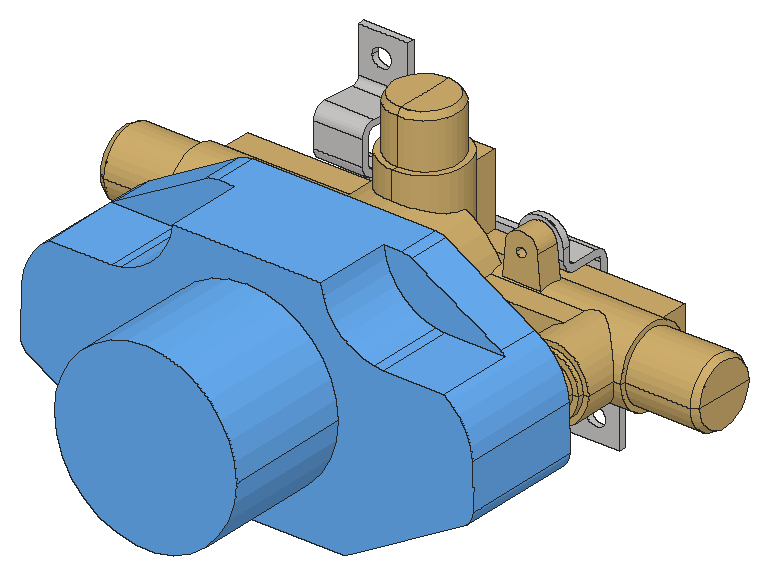
Revit family "Rough_In_Valve-GROHE-Grohsafe-35064001", category Pipe Accessories, Revit 2014
Parameters (values of type "35064001")
  Width = 7 5/16"
  Waste Connection = no
  Warranty Information = "Limited Lifetime Warranty"
  WFU = 4
  Vent Connection = no
  URL = "https://www.grohe.us"
  Tempered Water Connection Diameter = 1/2"
  Product Page URL = "https://www.grohe.us/en_us/universal-pressure-balance-rough-in-valve-35064001.html"
  Price = "Prices may vary. Please consult Manufacturer Representative for most up-to-date price list."  # constant formula
  Model = "35064001"
  Material = "Copper-Grohe-000-Brass"
  Manufacturer = "GROHE"
  Installation Type = "Wall Installation"
  IAPMO Compliance = "cUPC"
  Hot Water Connection Diameter = 1/2"
  Height = 4 1/8"
  HWFU = 3
  HW Connection = yes
  Flow Rate = "(top port) 5.5 gpm at 45 psi (21 l/min), (bottom port) 5.8 gpm at 45 psi (22 l/min)"
  Description = "Grohsafe Universal Pressure Balance Rough-In valve"
  Default Elevation = 0"
  Creation Date = "2017/05/23"  # constant formula
  Cold Water Connection Radius = 1/4"
  Cold Water Connection Diameter = Cold Water Connection Radius * 2  # 1/2"
  CWFU = 2
  CW Connection = yes
  Assembly Code = "D2020"
Reference planes (in)
  plane 1 "Center (Front/Back)": y = 0
  plane 2: z = 0
  plane 3 "Center (Left/Right)": x = 0
  plane 4: z = 1.59375
  plane 5: z = -1.84375
  plane 6: x = -3.65625
  plane 7: x = 3.65625
Forms (in)
  Revolve 1, solid, material "Copper-Grohe-000-Brass"
    sketch origin (0, 0, 0) x (1, 0, 0) y (0, 1, 0)
      loop
        line (-3.57759, 0.41293) -> (-3.65625, 0.36751) -> (-3.65625, 0) -> (3.65625, 0) -> (3.65625, 0.36751) -> (3.57759, 0.41293) -> (2.77437, 0.41293) -> (2.77437, 0.46969) -> (-2.77437, 0.46969) -> (-2.77437, 0.41293) -> (-3.57759, 0.41293)
      axis (3.65625, 0) -> (-3.65625, 0)
    angle from 0 to 360
  Revolve 2, solid, material "Copper-Grohe-000-Brass"
    sketch origin (0, 0, 0) x (0, 1, 0) y (0, 0, 1)
      loop
        line (-0.36751, 2.01413) -> (-0.41293, 1.93546) -> (-0.41293, 1.38186) -> (-0.49152, 1.38186) -> (-0.49152, -1.38186) -> (-0.41293, -1.38186) -> (-0.41293, -1.93546) -> (-0.36751, -2.01413)
        arc (-0.36751, -2.01413) -> (-0.37169, -2.06656) -> (-0.32884, -2.09707) r 0.05332
        line (-0.32884, -2.09707) -> (0, -2.09707) -> (0, 2.01413) -> (-0.36751, 2.01413)
      axis (0, 2.01413) -> (0, -2.09707)
    angle from 0 to 360
  Extrusion 3, solid, material "Copper-Grohe-000-Brass"
    sketch origin (0, 0, 0) x (1, 0, 0) y (0, 0, 1)
      loop
        line (2.66787, 0.36072) -> (0.34261, 0.36072) -> (0.34261, 1.23355) -> (-0.34261, 1.23355) -> (-0.34261, 0.36072) -> (-2.66854, 0.36072) -> (-2.66854, -0.34458) -> (-0.34261, -0.34458) -> (-0.34261, -1.23355) -> (0.34261, -1.23355) -> (0.34261, -0.34458) -> (2.66787, -0.34458) -> (2.66787, 0.36072)
    from -0.63942 to -0.03594
  Revolve 4, solid, material "Copper-Grohe-000-Brass"
    sketch origin (0, 0, 0) x (1, 0, 0) y (0, 1, 0)
      loop
        line (-2.61064, -0.90857) -> (-2.52753, -0.90857) -> (-2.52753, -1.08893) -> (-2.49792, -1.10603) -> (-2.45285, -1.10603) -> (-2.39129, -1.14157) -> (-2.39129, -1.2403) -> (-2.22147, -1.2403) -> (-2.22147, 0) -> (-2.67976, 0) -> (-2.67976, -0.84933) -> (-2.61064, -0.84933) -> (-2.61064, -0.90857)
      axis (-2.22147, -1.2403) -> (-2.22147, 0)
    angle from 0 to 360
  Extrusion 5, solid, material "Copper-Grohe-000-Brass"
    sketch origin (0, 0, 0) x (1, 0, 0) y (0, 1, 0)
      loop
        line (-2.22147, -0.48266) -> (2.22147, -0.48266) -> (2.22147, 0) -> (-2.22147, 0) -> (-2.22147, -0.48266)
    from -0.41165 to 0.43914
  Extrusion 6, solid, material "Copper-Grohe-000-Brass"
    sketch origin (0, 0, 0) x (1, 0, 0) y (0, 0, 1)
      loop
        line (1.0315, 0) -> (1.57873, 0) -> (1.50598, 0.83147)
        arc (1.50598, 0.83147) -> (1.30511, 1.01553) -> (1.10424, 0.83147) r 0.20164
        line (1.10424, 0.83147) -> (1.0315, 0)
      loop
        circle (1.30326, 0.78986) r 0.05924
      loop
        line (-1.0315, 0) -> (-1.57873, 0) -> (-1.50598, -0.83147)
        arc (-1.50598, -0.83147) -> (-1.30511, -1.01553) -> (-1.10424, -0.83147) r 0.20164
        line (-1.10424, -0.83147) -> (-1.0315, 0)
      loop
        circle (-1.30326, -0.78986) r 0.05924
    from -0.13676 to 0.14667
  Extrusion 7, solid, material "Copper-Grohe-000-Brass"
    sketch origin (0, 0, 0) x (1, 0, 0) y (0, 0, 1)
      loop
        circle (0, 0) r 1.04162
    from 0 to 1.2403
  Extrusion 8, solid, material "Plastic-GROHE-Blue"
    sketch origin (0, 0, 0) x (1, 0, 0) y (0, 0, 1)
      loop
        arc (-1.10453, 1.4415) -> (-1.19275, 1.42989) -> (-1.27496, 1.39584) r 0.34087
        line (-1.27496, 1.39584) -> (-2.35789, 0.77061)
        arc (-2.35789, 0.77061) -> (-2.62889, 0.51251) -> (-2.75191, 0.15906) r 0.7956
        arc (-2.75191, 0.15906) -> (-2.76924, -0.13193) -> (-2.76441, -0.42339) r 3.834
        arc (-2.76441, -0.42339) -> (-2.73303, -0.524) -> (-2.65758, -0.59759) r 0.21487
        line (-2.65758, -0.59759) -> (-1.296, -1.38645)
        arc (-1.296, -1.38645) -> (-1.19721, -1.42751) -> (-1.09115, -1.44151) r 0.40863
        line (-1.09115, -1.44151) -> (1.10204, -1.44151)
        arc (1.10204, -1.44151) -> (1.19758, -1.42889) -> (1.28657, -1.39192) r 0.36809
        line (1.28657, -1.39192) -> (2.65034, -0.60178)
        arc (2.65034, -0.60178) -> (2.73135, -0.52268) -> (2.76488, -0.41452) r 0.23033
        arc (2.76488, -0.41452) -> (2.7694, -0.14012) -> (2.75428, 0.1339) r 3.834
        arc (2.75428, 0.1339) -> (2.62627, 0.50764) -> (2.34065, 0.78056) r 0.83416
        line (2.34065, 0.78056) -> (1.255, 1.40736)
        arc (1.255, 1.40736) -> (1.19354, 1.43282) -> (1.12757, 1.4415) r 0.25486
        line (1.12757, 1.4415) -> (-1.10453, 1.4415)
    from 1.2403 to 2.70549
  Extrusion 9, solid, material "Plastic-GROHE-Blue"
    sketch origin (0, 0, 0) x (1, 0, 0) y (0, 0, 1)
      loop
        circle (0, 0) r 1.10978
    from 1.56952 to 4.25191
  Extrusion 10, void
    sketch origin (0, 0, -0.03125) x (1, 0, 0) y (0, 0, 1)
      loop
        line (-0.92332, 1.74104) -> (-2.5331, 0.77379) -> (-1.65337, 0.77379)
        arc (-1.65337, 0.77379) -> (-1.59803, 0.77636) -> (-1.54316, 0.78407) r 0.59589
        arc (-1.54316, 0.78407) -> (-1.02811, 1.12969) -> (-0.92332, 1.74104) r 0.7871
      loop
        arc (0.92332, 1.74104) -> (1.02811, 1.12969) -> (1.54316, 0.78407) r 0.7871
        arc (1.54316, 0.78407) -> (1.59803, 0.77636) -> (1.65337, 0.77379) r 0.59589
        line (1.65337, 0.77379) -> (2.5331, 0.77379) -> (0.92332, 1.74104)
    from 1.75834 to 4.27974
  Extrusion 11, solid, material "Metal-Grohe-Stainless Steel"
    sketch origin (0, 0, 0) x (0, 1, 0) y (0, 0, 1)
      loop
        line (1.06607, 1.77717) -> (0.98709, 1.77717) -> (0.98709, 1.2166)
        arc (0.98709, 1.2166) -> (0.95965, 1.15426) -> (0.89515, 1.13236) r 0.08456
        line (0.89515, 1.13236) -> (0.46153, 1.1703)
        arc (0.46153, 1.1703) -> (0.34537, 1.13087) -> (0.29596, 1.01858) r 0.15229
        line (0.29596, 1.01858) -> (0.29596, 0.71479)
        arc (0.29596, 0.71479) -> (0.34338, 0.60031) -> (0.45785, 0.5529) r 0.16189
        line (0.45785, 0.5529) -> (0.62062, 0.5529)
        arc (0.62062, 0.5529) -> (0.68427, 0.52653) -> (0.71064, 0.46288) r 0.09002
        line (0.71064, 0.46288) -> (0.71064, -0.41165)
        arc (0.71064, -0.41165) -> (0.68662, -0.46964) -> (0.62863, -0.49366) r 0.08201
        line (0.62863, -0.49366) -> (0.30351, -0.49366)
        arc (0.30351, -0.49366) -> (0.18647, -0.54214) -> (0.13799, -0.65918) r 0.16552
        line (0.13799, -0.65918) -> (0.13799, -1.10361) -> (0.21698, -1.10361) -> (0.21698, -0.65903)
        arc (0.21698, -0.65903) -> (0.24228, -0.59795) -> (0.30336, -0.57264) r 0.08638
        line (0.30336, -0.57264) -> (0.62928, -0.57264)
        arc (0.62928, -0.57264) -> (0.74266, -0.52568) -> (0.78962, -0.4123) r 0.16034
        line (0.78962, -0.4123) -> (0.78962, 0.46666)
        arc (0.78962, 0.46666) -> (0.74123, 0.58349) -> (0.6244, 0.63188) r 0.16523
        line (0.6244, 0.63188) -> (0.46355, 0.63188)
        arc (0.46355, 0.63188) -> (0.4009, 0.65784) -> (0.37495, 0.72049) r 0.0886
        line (0.37495, 0.72049) -> (0.37495, 1.0005)
        arc (0.37495, 1.0005) -> (0.40411, 1.06676) -> (0.47266, 1.09004) r 0.08988
        line (0.47266, 1.09004) -> (0.88712, 1.05378)
        arc (0.88712, 1.05378) -> (1.01267, 1.09639) -> (1.06607, 1.21775) r 0.1646
        line (1.06607, 1.21775) -> (1.06607, 1.77717)
    from -1.58752 to -0.98823
  Extrusion 12, void
    sketch origin (0, 0, 0) x (1, 0, 0) y (0, 0, 1)
      loop
        circle (-1.3064, 1.49797) r 0.12011
      loop
        arc (-0.95226, -0.38918) -> (-1.01461, -0.4442) -> (-1.02984, -0.52595) r 0.12765
        line (-1.02984, -0.52595) -> (-1.02984, -0.78877)
        arc (-1.02984, -0.78877) -> (-1.30868, -1.06761) -> (-1.58752, -0.78877) r 0.27884
        line (-1.58752, -0.78877) -> (-1.58752, -0.54197) -> (-1.68319, -0.54197) -> (-1.68319, -1.16213) -> (-0.95226, -1.16213) -> (-0.95226, -0.38918)
      loop
        circle (-1.30326, -0.78986) r 0.15672
    from -1.33329 to -0.06554
  Extrusion 13, solid, material "Metal-Grohe-Stainless Steel"
    sketch origin (0, 0, 0) x (0, 1, 0) y (0, 0, -1)
      loop
        line (1.06607, 1.77717) -> (0.98709, 1.77717) -> (0.98709, 1.2166)
        arc (0.98709, 1.2166) -> (0.95965, 1.15426) -> (0.89515, 1.13236) r 0.08456
        line (0.89515, 1.13236) -> (0.46153, 1.1703)
        arc (0.46153, 1.1703) -> (0.34537, 1.13087) -> (0.29596, 1.01858) r 0.15229
        line (0.29596, 1.01858) -> (0.29596, 0.71479)
        arc (0.29596, 0.71479) -> (0.34338, 0.60031) -> (0.45785, 0.5529) r 0.16189
        line (0.45785, 0.5529) -> (0.62062, 0.5529)
        arc (0.62062, 0.5529) -> (0.68427, 0.52653) -> (0.71064, 0.46288) r 0.09002
        line (0.71064, 0.46288) -> (0.71064, -0.41165)
        arc (0.71064, -0.41165) -> (0.68662, -0.46964) -> (0.62863, -0.49366) r 0.08201
        line (0.62863, -0.49366) -> (0.30351, -0.49366)
        arc (0.30351, -0.49366) -> (0.18647, -0.54214) -> (0.13799, -0.65918) r 0.16552
        line (0.13799, -0.65918) -> (0.13799, -1.10361) -> (0.21698, -1.10361) -> (0.21698, -0.65903)
        arc (0.21698, -0.65903) -> (0.24228, -0.59795) -> (0.30336, -0.57264) r 0.08638
        line (0.30336, -0.57264) -> (0.62928, -0.57264)
        arc (0.62928, -0.57264) -> (0.74266, -0.52568) -> (0.78962, -0.4123) r 0.16034
        line (0.78962, -0.4123) -> (0.78962, 0.46666)
        arc (0.78962, 0.46666) -> (0.74123, 0.58349) -> (0.6244, 0.63188) r 0.16523
        line (0.6244, 0.63188) -> (0.46355, 0.63188)
        arc (0.46355, 0.63188) -> (0.4009, 0.65784) -> (0.37495, 0.72049) r 0.0886
        line (0.37495, 0.72049) -> (0.37495, 1.0005)
        arc (0.37495, 1.0005) -> (0.40411, 1.06676) -> (0.47266, 1.09004) r 0.08988
        line (0.47266, 1.09004) -> (0.88712, 1.05378)
        arc (0.88712, 1.05378) -> (1.01267, 1.09639) -> (1.06607, 1.21775) r 0.1646
        line (1.06607, 1.21775) -> (1.06607, 1.77717)
    from -1.58752 to -0.98823
  Extrusion 14, void
    sketch origin (0, 0, 0) x (-1, 0, 0) y (0, 0, -1)
      loop
        circle (-1.3064, 1.49797) r 0.12011
      loop
        arc (-0.95226, -0.38918) -> (-1.01461, -0.4442) -> (-1.02984, -0.52595) r 0.12765
        line (-1.02984, -0.52595) -> (-1.02984, -0.78877)
        arc (-1.02984, -0.78877) -> (-1.30868, -1.06761) -> (-1.58752, -0.78877) r 0.27884
        line (-1.58752, -0.78877) -> (-1.58752, -0.54197) -> (-1.68319, -0.54197) -> (-1.68319, -1.16213) -> (-0.95226, -1.16213) -> (-0.95226, -0.38918)
      loop
        circle (-1.30326, -0.78986) r 0.15672
    from -1.33329 to -0.06554
  Extrusion 15, solid, material "Metal-Grohe-Stainless Steel"
    sketch origin (0, 0, 0) x (1, 0, 0) y (0, 0, 1)
      loop
        line (1.08831, 0.41165) -> (-1.07848, 0.41165) -> (-1.07848, -0.41165) -> (1.08831, -0.41165) -> (1.08831, 0.41165)
    from -0.78962 to -0.71064
  Revolve 16, solid, material "Copper-Grohe-000-Brass"
    sketch origin (0, 0, 0) x (-1, 0, 0) y (0, 1, 0)
      loop
        line (-2.61064, -0.90857) -> (-2.52753, -0.90857) -> (-2.52753, -1.08893) -> (-2.49792, -1.10603) -> (-2.45285, -1.10603) -> (-2.39129, -1.14157) -> (-2.39129, -1.2403) -> (-2.22147, -1.2403) -> (-2.22147, 0) -> (-2.67976, 0) -> (-2.67976, -0.84933) -> (-2.61064, -0.84933) -> (-2.61064, -0.90857)
      axis (-2.22147, -1.2403) -> (-2.22147, 0)
    angle from 0 to 360
Cuts and joins
  Extrusion 10, Extrusion 12 cuts Extrusion 8
  Extrusion 12 cuts Extrusion 9
  joined: Extrusion 8, Extrusion 9
  Extrusion 10 cuts Revolve 1
  Extrusion 10, Extrusion 14 cuts Revolve 2
  Extrusion 10, Extrusion 14 cuts Extrusion 3
  Extrusion 10, Extrusion 14 cuts Extrusion 5
  Extrusion 10, Extrusion 14 cuts Extrusion 6
  Extrusion 12 cuts Extrusion 7
  joined: Revolve 1, Revolve 2, Extrusion 3, Revolve 4, Extrusion 5, Extrusion 6, Extrusion 7, Revolve 16
  Extrusion 12, Extrusion 14 cuts Extrusion 11
  Extrusion 14 cuts Extrusion 13
  joined: Extrusion 11, Extrusion 13, Extrusion 15
Lines and regions (in)
  Masking region 1
    outline origin (0, 0, 0) x (1, 0, 0) y (0, 1, 0)
      loop
        line (-2.77012, -2.70549) -> (-1.10978, -2.70549) -> (-1.10978, -4.25191) -> (1.10978, -4.25191) -> (1.10978, -2.70549) -> (2.77012, -2.70549) -> (2.77012, -1.2403) -> (2.39129, -1.2403) -> (2.39129, -1.14157) -> (2.45285, -1.10603) -> (2.49792, -1.10603) -> (2.52753, -1.08893) -> (2.52753, -0.90857) -> (2.61064, -0.90857) -> (2.61064, -0.84933) -> (2.67976, -0.84933) -> (2.67976, -0.46969) -> (2.77437, -0.46969) -> (2.77437, -0.41293) -> (3.57759, -0.41293) -> (3.65625, -0.36751) -> (3.65625, 0.36751) -> (3.57759, 0.41293) -> (2.77437, 0.41293) -> (2.77437, 0.46969) -> (2.66854, 0.46969) -> (2.66854, 0.63942) -> (1.58752, 0.63942) -> (1.58752, 1.06607) -> (0.98823, 1.06607) -> (0.98823, 0.78962) -> (-0.98823, 0.78962) -> (-0.98823, 1.06607) -> (-1.58752, 1.06607) -> (-1.58752, 0.63942) -> (-2.66854, 0.63942) -> (-2.66854, 0.46969) -> (-2.77437, 0.46969) -> (-2.77437, 0.41293) -> (-3.57759, 0.41293) -> (-3.65625, 0.36751) -> (-3.65625, -0.36751) -> (-3.57759, -0.41293) -> (-2.77437, -0.41293) -> (-2.77437, -0.46969) -> (-2.67976, -0.46969) -> (-2.67976, -0.84933) -> (-2.61064, -0.84933) -> (-2.61064, -0.90857) -> (-2.52753, -0.90857) -> (-2.52753, -1.08893) -> (-2.49792, -1.10603) -> (-2.45285, -1.10603) -> (-2.39129, -1.14157) -> (-2.39129, -1.2403) -> (-2.77012, -1.2403) -> (-2.77012, -2.70549)
      loop
        line (-2.05165, -1.2403) -> (-1.04162, -1.2403) -> (-1.04162, -0.48266) -> (-1.76318, -0.48266) -> (-1.76318, -0.84933) -> (-1.83229, -0.84933) -> (-1.83229, -0.90857) -> (-1.91541, -0.90857) -> (-1.91541, -1.08893) -> (-1.94502, -1.10603) -> (-1.99009, -1.10603) -> (-2.05165, -1.14157) -> (-2.05165, -1.2403)
      loop
        line (2.05165, -1.2403) -> (2.05165, -1.14157) -> (1.99009, -1.10603) -> (1.94502, -1.10603) -> (1.91541, -1.08893) -> (1.91541, -0.90857) -> (1.83229, -0.90857) -> (1.83229, -0.84933) -> (1.76318, -0.84933) -> (1.76318, -0.48266) -> (1.04162, -0.48266) -> (1.04162, -1.2403) -> (2.05165, -1.2403)
  symbolic lines, style "PlumbingFixtures", detail levels medium+fine
    curve 1: line (-2.39129, -1.2403, 0) -> (-2.05165, -1.2403, 0)
    curve 2: line (-1.04162, -1.2403, 0) -> (1.04162, -1.2403, 0)
    curve 3: line (2.05165, -1.2403, 0) -> (2.39129, -1.2403, 0)
    curve 4: line (-1.10978, -2.70549, 0) -> (1.10978, -2.70549, 0)
    curve 5: circle (0, 0, 0) r 0.49152 normal (0, 0, 1)
    curve 6: line (-1.58752, 0.63942, 0) -> (-0.98823, 0.63942, 0)
    curve 7: line (-0.98823, 0.63942, 0) -> (-0.98823, 0.71064, 0)
    curve 8: line (-0.98823, 0.71064, 0) -> (0.98823, 0.71064, 0)
    curve 9: line (0.98823, 0.30082, 0) -> (0.98823, 0.71064, 0)
    curve 10: line (1.53969, -0.14667, 0) -> (1.07054, -0.14667, 0)
    curve 11: line (1.07054, -0.14667, 0) -> (1.07054, 0.1384, 0)
    curve 12: line (1.07054, 0.1384, 0) -> (1.02984, 0.1384, 0)
    curve 13: line (1.02984, 0.1384, 0) -> (1.02984, 0.30082, 0)
    curve 14: line (1.02984, 0.30082, 0) -> (0.98823, 0.30082, 0)
    curve 15: line (1.53969, -0.14667, 0) -> (1.53969, 0.13764, 0)
    curve 16: line (1.53969, 0.13764, 0) -> (1.58752, 0.13764, 0)
    curve 17: line (1.58752, 0.13764, 0) -> (1.58752, 0.63942, 0)
    curve 18: line (-0.98823, 0.63942, 0) -> (0.98823, 0.63942, 0)
  symbolic lines, style "PlumbingFixtures", detail levels fine
    curve 19: line (-3.57759, -0.41293, 0) -> (-3.57759, 0.41293, 0)
    curve 20: line (-2.77437, -0.41293, 0) -> (-2.77437, 0.41293, 0)
    curve 21: line (-2.39129, -1.14157, 0) -> (-2.05165, -1.14157, 0)
    curve 22: line (-2.45285, -1.10603, 0) -> (-1.99009, -1.10603, 0)
    curve 23: line (-2.52753, -1.08893, 0) -> (-1.91541, -1.08893, 0)
    curve 24: line (-2.52753, -0.90857, 0) -> (-1.91541, -0.90857, 0)
    curve 25: line (-2.61064, -0.84933, 0) -> (-1.83229, -0.84933, 0)
    curve 26: line (-1.76318, -0.48266, 0) -> (-2.09037, -0.48266, 0)
    curve 27: line (-2.09037, -0.48266, 0) -> (-2.09037, -0.16664, 0)
    curve 28: line (-2.09037, -0.16664, 0) -> (-0.94453, -0.16664, 0)
    curve 30: line (-0.92971, 0, 0) -> (-0.49152, 0, 0)
    curve 31: line (-1.04162, -0.48266, 0) -> (-0.94453, -0.48266, 0)
    curve 32: line (-0.94453, -0.48266, 0) -> (-0.94453, -0.16664, 0)
    curve 33: line (-2.66854, 0.46969, 0) -> (-2.66854, 0.30082, 0)
    curve 34: line (-2.66854, 0.30082, 0) -> (-0.38872, 0.30082, 0)
    curve 35: line (-0.34261, 0.63942, 0) -> (-0.34261, 0.35244, 0)
    curve 36: line (-1.58752, 0.98709, 0) -> (-0.98823, 0.98709, 0)
    curve 37: line (0.98823, 0.98709, 0) -> (1.58752, 0.98709, 0)
    curve 38: line (1.02984, 0.21961, 0) -> (1.58752, 0.21961, 0)
    curve 39: line (1.07054, 0.1384, 0) -> (1.54148, 0.1384, 0)
    curve 42: line (-2.40297, -2.70549, 0) -> (-2.40297, -1.75834, 0)
    curve 43: line (-2.40297, -1.75834, 0) -> (-0.90623, -1.75834, 0)
    curve 44: line (-0.90623, -1.75834, 0) -> (-0.90623, -2.70549, 0)
    curve 45: circle (0, 0, 0) r 0.32884 normal (0, 0, 1)
    curve 46: circle (0, 0, 0) r 0.36751 normal (0, 0, 1)
    curve 47: line (3.57759, -0.41293, 0) -> (3.57759, 0.41293, 0)
    curve 48: line (2.77437, -0.41293, 0) -> (2.77437, 0.41293, 0)
    curve 49: line (2.39129, -1.14157, 0) -> (2.05165, -1.14157, 0)
    curve 50: line (2.45285, -1.10603, 0) -> (1.99009, -1.10603, 0)
    curve 51: line (2.52753, -1.08893, 0) -> (1.91541, -1.08893, 0)
    curve 52: line (2.52753, -0.90857, 0) -> (1.91541, -0.90857, 0)
    curve 53: line (2.61064, -0.84933, 0) -> (1.83229, -0.84933, 0)
    curve 54: line (1.76318, -0.48266, 0) -> (2.09037, -0.48266, 0)
    curve 55: line (2.09037, -0.48266, 0) -> (2.09037, -0.16664, 0)
    curve 56: line (2.09037, -0.16664, 0) -> (0.94453, -0.16664, 0)
    curve 58: line (0.92971, 0, 0) -> (0.49152, 0, 0)
    curve 59: line (1.04162, -0.48266, 0) -> (0.94453, -0.48266, 0)
    curve 60: line (0.94453, -0.48266, 0) -> (0.94453, -0.16664, 0)
    curve 61: line (2.66854, 0.46969, 0) -> (2.66854, 0.30082, 0)
    curve 62: line (2.66854, 0.30082, 0) -> (1.58752, 0.30082, 0)
    curve 63: line (0.34261, 0.63942, 0) -> (0.34261, 0.35244, 0)
    curve 66: line (0.98823, 0.30082, 0) -> (0.38872, 0.30082, 0)
    curve 67: line (2.40297, -2.70549, 0) -> (2.40297, -1.75834, 0)
    curve 68: line (2.40297, -1.75834, 0) -> (0.90623, -1.75834, 0)
    curve 69: line (0.90623, -1.75834, 0) -> (0.90623, -2.70549, 0)
  symbolic lines, detail levels fine
    curve 29: arc (-0.94453, -0.16664, 0) -> (-0.93193, -0.08378, 0) -> (-0.92971, 0, 0) r 0.67374
    curve 40: arc (-2.67976, -0.46969, 0) -> (-2.49569, -0.29189, 0) -> (-2.29963, -0.12742, 0) r 3.65237
    curve 41: arc (-2.29963, -0.12742, 0) -> (-2.18614, -0.09979, 0) -> (-2.09037, -0.16664, 0) r 0.14192
    curve 57: arc (0.94453, -0.16664, 0) -> (0.93193, -0.08378, 0) -> (0.92971, 0, 0) r 0.67374
    curve 64: arc (2.67976, -0.46969, 0) -> (2.49569, -0.29189, 0) -> (2.29963, -0.12742, 0) r 3.65237
    curve 65: arc (2.29963, -0.12742, 0) -> (2.18614, -0.09979, 0) -> (2.09037, -0.16664, 0) r 0.14192
Dimensions and locks (in)
  equal spacing: plane 6, plane 3 "Center (Left/Right)", plane 7
  "Width": plane 6 to plane 7
Automatic sketch dimensions
  curve 5 to curve 45 = 0"  (x2)
  curve 5 to curve 46 = 0"  (x2)
  curve 45 to curve 46 = 0"  (x2)
  plane 1 "Center (Front/Back)" to curve 29 = 0"
  plane 1 "Center (Front/Back)" to curve 5 = 0"
  curve 5 to plane 3 "Center (Left/Right)" = 0"
  plane 1 "Center (Front/Back)" to curve 58 = 0"
  curve 40 to plane 3 "Center (Left/Right)" = 0.05178"
  curve 43 to plane 3 "Center (Left/Right)" = 0.90623"
  curve 30 to plane 3 "Center (Left/Right)" = 0.92971"
  curve 28 to curve 30 = 0.01482"
  curve 8 to curve 29 = 0.05852"
  plane 1 "Center (Front/Back)" to curve 29 = 0.02411"
  curve 29 to curve 28 = 0.65849"
  curve 27 to curve 29 = 0.48735"
  curve 41 to curve 27 = 0.12192"
  plane 6 to curve 43 = 1.25328"
  curve 33 to plane 1 "Center (Front/Back)" = 0.30082"
  curve 33 to curve 41 = 0.45625"
  plane 3 "Center (Left/Right)" to curve 64 = 0.05178"
  plane 3 "Center (Left/Right)" to curve 69 = 0.90623"
  curve 46 to curve 58 = 0.92971"
  curve 57 to curve 59 = 0.01482"
  curve 58 to curve 9 = 0.05852"
  curve 9 to curve 14 = 0.0416"
  curve 57 to curve 11 = 0.12601"
  plane 1 "Center (Front/Back)" to curve 15 = 0.14667"
  curve 10 to curve 15 = 0.46915"
  curve 15 to curve 16 = 0.04783"
  plane 1 "Center (Front/Back)" to curve 57 = 0.02411"
  curve 10 to curve 57 = 0.06333"
  curve 57 to curve 56 = 0.48735"
  curve 55 to curve 65 = 0.12192"
  plane 7 to curve 68 = 1.25328"
  curve 62 to plane 1 "Center (Front/Back)" = 0.30082"
  curve 65 to curve 62 = 0.45625"
  curve 41 to curve 27 = 0.07264"
  curve 65 to curve 55 = 0.07264"
  curve 31 to curve 29 = 0.31602"
  curve 27 to curve 41 = 0.24338"
  curve 60 to curve 57 = 0.31602"
  curve 54 to curve 65 = 0.24338"
  curve 44 to curve 31 = 1.27568"
  curve 68 to curve 54 = 1.27568"
  curve 40 to curve 43 = 1.24779"
  curve 40 to curve 64 = 0"
  curve 17 to plane 1 "Center (Front/Back)" = 0.13764"
  curve 12 to plane 1 "Center (Front/Back)" = 0.1384"
  curve 12 to curve 9 = 0.16242"
  curve 6 to plane 1 "Center (Front/Back)" = 0.63942"
  curve 18 to curve 9 = 0.07122"
  curve 35 to plane 3 "Center (Left/Right)" = 0.34261"
  curve 34 to curve 35 = 0.04611"
  curve 36 to curve 7 = 0"
  curve 31 to curve 31 = 0.09709"
  curve 2 to curve 43 = 0.1354"
  curve 4 to curve 44 = 0.20355"
  curve 36 to curve 36 = 0.59928"
  curve 6 to curve 36 = 0"
  curve 26 to curve 26 = 0.32719"
  curve 25 to curve 26 = 0.06911"
  curve 23 to curve 25 = 0.08312"
  curve 24 to curve 25 = 0.08312"
  curve 22 to curve 23 = 0.07468"
  curve 21 to curve 22 = 0.06156"
  curve 1 to curve 21 = 0"
  curve 40 to curve 41 = 0"
  curve 1 to curve 1 = 0.33964"
  curve 21 to curve 1 = 0"
  curve 22 to curve 21 = 0.06156"
  curve 23 to curve 22 = 0.07468"
  curve 24 to curve 23 = 0"
  curve 25 to curve 24 = 0.08312"
  curve 40 to curve 25 = 0.06911"
  curve 20 to curve 40 = 0.09461"
  plane 6 to curve 19 = 0.07866"
  curve 63 to curve 66 = 0.04611"
  curve 37 to curve 8 = 0"
  curve 68 to curve 2 = 0.1354"
  curve 59 to curve 59 = 0.09709"
  curve 69 to curve 4 = 0.20355"
  curve 15 to curve 39 = 0.00179"
  curve 37 to curve 17 = 0"
  curve 54 to curve 54 = 0.32719"
  curve 54 to curve 53 = 0.06911"
  curve 53 to curve 51 = 0.08312"
  curve 53 to curve 52 = 0.08312"
  curve 51 to curve 50 = 0.07468"
  curve 50 to curve 3 = 0.06156"
  curve 50 to curve 49 = 0.06156"
  curve 64 to curve 65 = 0"
  curve 49 to curve 49 = 0.33964"
  curve 3 to curve 49 = 0"
  curve 49 to curve 50 = 0.06156"
  curve 50 to curve 51 = 0.07468"
  curve 52 to curve 51 = 0"
  curve 52 to curve 53 = 0.08312"
  curve 53 to curve 64 = 0.06911"
  curve 64 to curve 48 = 0.09461"
  plane 7 to curve 47 = 0.07866"
  curve 40 to curve 20 = 0.05676"
  plane 1 "Center (Front/Back)" to curve 47 = 0.41293"
  curve 64 to curve 48 = 0.05676"
  plane 1 "Center (Front/Back)" to curve 19 = 0.41293"
  curve 25 to curve 26 = 0.36666"
  curve 53 to curve 64 = 0.37964"
  curve 52 to curve 53 = 0.05924"
  curve 24 to curve 25 = 0.05924"
  curve 23 to curve 24 = 0.18037"
  curve 51 to curve 52 = 0.18037"
  curve 22 to curve 23 = 0.0171"
  curve 50 to curve 51 = 0.0171"
  curve 21 to curve 22 = 0.03554"
  curve 49 to curve 50 = 0.03554"
  curve 1 to curve 21 = 0.09873"
  curve 68 to curve 2 = 0.51804"
  curve 3 to curve 49 = 0.09873"
  curve 4 to curve 68 = 0.94714"
  curve 67 to curve 67 = 0.94714"
  curve 42 to curve 42 = 0.94714"
  curve 38 to curve 62 = 0.08121"
  curve 19 to plane 1 "Center (Front/Back)" = 0.41293"
  curve 33 to curve 20 = 0.11211"
  curve 47 to plane 1 "Center (Front/Back)" = 0.41293"
  curve 61 to curve 48 = 0.11211"
  curve 20 to curve 33 = 0.05676"
  curve 48 to curve 61 = 0.05676"
  curve 62 to curve 17 = 0.3386"
  curve 8 to curve 37 = 0.27645"
  curve 7 to curve 36 = 0.27645"
  Revolve 2 sketch curve to plane 1 "Center (Front/Back)" = 0"  (x2)
  plane 1 "Center (Front/Back)" to Revolve 2 sketch curve = 0.32336"
  Revolve 2 sketch curve to Revolve 2 sketch curve = 0.00548"
  plane 1 "Center (Front/Back)" to Revolve 2 sketch curve = 0.36751"
  Revolve 2 sketch curve to plane 5 = 0.17038"
  Revolve 2 sketch curve to Revolve 2 sketch curve = 0.04415"
  plane 1 "Center (Front/Back)" to Revolve 2 sketch curve = 0.41293"
  Revolve 2 sketch curve to Revolve 2 sketch curve = 0.04542"
  Revolve 2 sketch curve to Revolve 2 sketch curve = 0.07859"
  Revolve 2 sketch curve to Revolve 2 sketch curve = 0.0299"
  Revolve 2 sketch curve to Revolve 2 sketch curve = 0.07867"  (x2)
  plane 5 to Revolve 2 sketch curve = 0.46189"
  Revolve 2 sketch curve to plane 4 = 0.21189"
  plane 4 to Revolve 2 sketch curve = 0.34171"
  Revolve 2 sketch curve to Revolve 2 sketch curve = 0.29509"
  Revolve 2 sketch curve to Revolve 2 sketch curve = 0.6856"
  Extrusion 3 sketch curve to level = 0.34458"  (x2)
  plane 6 to Extrusion 3 sketch curve = 0.98771"
  Extrusion 3 sketch curve to plane 3 "Center (Left/Right)" = 0.34261"  (x2)
  plane 3 "Center (Left/Right)" to Extrusion 3 sketch curve = 0.34261"  (x2)
  plane 7 to Extrusion 3 sketch curve = 0.98838"
  plane 5 to Extrusion 3 sketch curve = 0.6102"
  level to Extrusion 3 sketch curve = 0.36072"  (x2)
  Extrusion 3 sketch curve to plane 4 = 0.3602"
  plane 1 "Center (Front/Back)" to Revolve 4 sketch curve = 0"
  plane 6 to Revolve 4 sketch curve = 0.97649"
  Revolve 4 sketch curve to Revolve 4 sketch curve = 0.06911"
  Revolve 4 sketch curve to Revolve 4 sketch curve = 0.08312"
  Revolve 4 sketch curve to Revolve 4 sketch curve = 0.02961"
  Revolve 4 sketch curve to Revolve 4 sketch curve = 0.04507"
  Revolve 4 sketch curve to Revolve 4 sketch curve = 0.06156"
  Revolve 4 sketch curve to Revolve 4 sketch curve = 0.45829"
  plane 1 "Center (Front/Back)" to Revolve 4 sketch curve = 0.84933"
  Revolve 4 sketch curve to Revolve 4 sketch curve = 0.05924"
  Revolve 4 sketch curve to Revolve 4 sketch curve = 0.18037"
  Revolve 4 sketch curve to Revolve 4 sketch curve = 0.0171"
  Revolve 4 sketch curve to Revolve 4 sketch curve = 0.03554"
  Revolve 4 sketch curve to Revolve 4 sketch curve = 0.09873"
  Revolve 4 sketch curve to Revolve 4 sketch curve = 0"
  Revolve 4 sketch curve to Revolve 4 sketch curve = 0.08708"
  Revolve 4 sketch curve to plane 1 "Center (Front/Back)" = 1.03973"
  plane 1 "Center (Front/Back)" to Extrusion 5 sketch curve = 0"
  plane 6 to Extrusion 5 sketch curve = 1.43478"
  plane 7 to Extrusion 5 sketch curve = 1.43478"
  Extrusion 5 sketch curve to Extrusion 5 sketch curve = 0.48266"
  Extrusion 6 sketch curve to level = 0"  (x2)
  Extrusion 6 sketch curve to plane 3 "Center (Left/Right)" = 1.57873"
  Extrusion 6 sketch curve to Extrusion 6 sketch curve = 0.07274"  (x2)
  Extrusion 6 sketch curve to Extrusion 6 sketch curve = 0.20087"  (x3)
  Extrusion 6 sketch curve to Extrusion 6 sketch curve = 0.00185"  (x2)
  Extrusion 6 sketch curve to level = 0.83147"
  Extrusion 6 sketch curve to Extrusion 6 sketch curve = 0.54723"  (x2)
  plane 3 "Center (Left/Right)" to Extrusion 6 sketch curve = 1.0315"
  Extrusion 6 sketch curve to Extrusion 6 sketch curve = 0.19902"
  Extrusion 6 sketch curve to plane 4 = 0.76228"
  Extrusion 6 sketch curve to Extrusion 6 sketch curve = 0.01757"
  Extrusion 6 sketch curve to Extrusion 6 sketch curve = 0.02404"  (x2)
  Extrusion 6 sketch curve to Extrusion 6 sketch curve = 0.04161"
  Extrusion 7 sketch curve to level = 0"
  Extrusion 7 sketch curve to plane 3 "Center (Left/Right)" = 0"
  plane 6 to Extrusion 8 sketch curve = 0.99867"
  Extrusion 8 sketch curve to Extrusion 8 sketch curve = 0.10772"
  level to Extrusion 8 sketch curve = 0.77061"
  Extrusion 8 sketch curve to Extrusion 8 sketch curve = 0.19198"
  level to Extrusion 8 sketch curve = 0.0816"
  Extrusion 8 sketch curve to Extrusion 8 sketch curve = 0.58977"
  plane 5 to Extrusion 8 sketch curve = 0.4573"
  Extrusion 8 sketch curve to plane 3 "Center (Left/Right)" = 1.296"
  Extrusion 8 sketch curve to plane 4 = 0.19791"
  Extrusion 8 sketch curve to Extrusion 8 sketch curve = 1.08292"
  Extrusion 8 sketch curve to plane 4 = 0.15225"
  Extrusion 8 sketch curve to Extrusion 8 sketch curve = 0.17044"
  Extrusion 8 sketch curve to Extrusion 8 sketch curve = 0.20485"
  Extrusion 8 sketch curve to level = 0.21421"  (x2)
  Extrusion 8 sketch curve to Extrusion 8 sketch curve = 0.02726"
  plane 3 "Center (Left/Right)" to Extrusion 8 sketch curve = 1.06388"
  plane 3 "Center (Left/Right)" to Extrusion 8 sketch curve = 1.10204"
  Extrusion 8 sketch curve to plane 4 = 0.4071"
  plane 3 "Center (Left/Right)" to Extrusion 8 sketch curve = 1.12757"
  Extrusion 8 sketch curve to plane 4 = 0.18639"
  plane 5 to Extrusion 8 sketch curve = 0.45183"
  Extrusion 8 sketch curve to Extrusion 8 sketch curve = 0.18453"
  level to Extrusion 8 sketch curve = 0.05816"
  Extrusion 8 sketch curve to Extrusion 8 sketch curve = 0.85969"
  Extrusion 8 sketch curve to Extrusion 8 sketch curve = 0.41708"
  Extrusion 8 sketch curve to Extrusion 8 sketch curve = 0.6113"
  Extrusion 8 sketch curve to level = 0.60178"
  Extrusion 8 sketch curve to Extrusion 8 sketch curve = 0.11547"
  Extrusion 8 sketch curve to Extrusion 8 sketch curve = 0.04959"
  Extrusion 8 sketch curve to level = 0.59759"
  Extrusion 8 sketch curve to Extrusion 8 sketch curve = 0.18592"
  Extrusion 8 sketch curve to Extrusion 8 sketch curve = 0.19929"
  level to Extrusion 8 sketch curve = 0.78056"
  Extrusion 8 sketch curve to Extrusion 8 sketch curve = 0"  (x2)
  Extrusion 9 sketch curve to level = 0"
  Extrusion 9 sketch curve to plane 3 "Center (Left/Right)" = 0"
  level to Extrusion 10 sketch curve = 0.74254"  (x2)
  plane 6 to Extrusion 10 sketch curve = 1.12315"
  Extrusion 10 sketch curve to plane 4 = 0.06741"  (x2)
  Extrusion 10 sketch curve to Extrusion 10 sketch curve = 0.84436"
  Extrusion 10 sketch curve to Extrusion 10 sketch curve = 0.03537"  (x2)
  plane 4 to Extrusion 10 sketch curve = 0.11604"  (x2)
  Extrusion 10 sketch curve to Extrusion 10 sketch curve = 0.76542"
  plane 3 "Center (Left/Right)" to Extrusion 10 sketch curve = 0.92332"
  Extrusion 10 sketch curve to plane 4 = 0.25532"
  Extrusion 10 sketch curve to Extrusion 10 sketch curve = 0.73006"
  Extrusion 10 sketch curve to Extrusion 10 sketch curve = 0.87972"
  Extrusion 10 sketch curve to Extrusion 10 sketch curve = 0.18791"
  Extrusion 11 sketch curve to plane 1 "Center (Front/Back)" = 0.13799"
  Extrusion 11 sketch curve to Extrusion 11 sketch curve = 0.07899"  (x4)
  Extrusion 11 sketch curve to plane 1 "Center (Front/Back)" = 0.29596"
  Extrusion 11 sketch curve to Extrusion 11 sketch curve = 0.08638"
  Extrusion 11 sketch curve to Extrusion 11 sketch curve = 0.00015"
  Extrusion 11 sketch curve to Extrusion 11 sketch curve = 0.07331"
  Extrusion 11 sketch curve to Extrusion 11 sketch curve = 0.0829"
  Extrusion 11 sketch curve to Extrusion 11 sketch curve = 0.01327"
  Extrusion 11 sketch curve to Extrusion 11 sketch curve = 0.0057"  (x2)
  Extrusion 11 sketch curve to Extrusion 11 sketch curve = 0.01657"
  Extrusion 11 sketch curve to Extrusion 11 sketch curve = 0.02441"
  Extrusion 11 sketch curve to Extrusion 11 sketch curve = 0.16276"
  Extrusion 11 sketch curve to Extrusion 11 sketch curve = 0.00378"
  Extrusion 11 sketch curve to Extrusion 11 sketch curve = 0.32512"
  Extrusion 11 sketch curve to Extrusion 11 sketch curve = 0.00065"  (x2)
  Extrusion 11 sketch curve to Extrusion 11 sketch curve = 0.08136"
  Extrusion 11 sketch curve to Extrusion 11 sketch curve = 0.41446"
  Extrusion 11 sketch curve to Extrusion 11 sketch curve = 0.00803"
  Extrusion 11 sketch curve to Extrusion 11 sketch curve = 0.00632"
  Extrusion 11 sketch curve to Extrusion 11 sketch curve = 0.00105"
  plane 4 to Extrusion 11 sketch curve = 0.18342"
  Extrusion 11 sketch curve to Extrusion 11 sketch curve = 0.08562"
  Extrusion 11 sketch curve to plane 4 = 0.376"
  Extrusion 11 sketch curve to Extrusion 11 sketch curve = 0.00115"
  Extrusion 11 sketch curve to plane 4 = 0.42345"
  Extrusion 11 sketch curve to Extrusion 11 sketch curve = 0.07145"
  Extrusion 11 sketch curve to Extrusion 11 sketch curve = 0.28001"
  Extrusion 11 sketch curve to level = 0.41165"
  Extrusion 11 sketch curve to Extrusion 11 sketch curve = 0.44458"
  Extrusion 12 sketch curve to level = 0.54197"
  Extrusion 12 sketch curve to plane 3 "Center (Left/Right)" = 1.68319"
  Extrusion 12 sketch curve to Extrusion 12 sketch curve = 0.09567"
  Extrusion 12 sketch curve to Extrusion 12 sketch curve = 0.27884"
  Extrusion 12 sketch curve to plane 4 = 0.09578"
  Extrusion 12 sketch curve to plane 3 "Center (Left/Right)" = 1.3064"
  Extrusion 12 sketch curve to Extrusion 12 sketch curve = 0.00542"
  Extrusion 12 sketch curve to Extrusion 12 sketch curve = 0.07757"
  Extrusion 12 sketch curve to Extrusion 12 sketch curve = 0.12626"
  Extrusion 12 sketch curve to Extrusion 12 sketch curve = 0.24679"
  Extrusion 12 sketch curve to Extrusion 12 sketch curve = 0.00109"
  Extrusion 12 sketch curve to Extrusion 12 sketch curve = 0.37336"
  Extrusion 12 sketch curve to Extrusion 12 sketch curve = 0.26282"
  Extrusion 12 sketch curve to Extrusion 12 sketch curve = 0.01877"
  Extrusion 13 sketch curve to plane 1 "Center (Front/Back)" = 0.13799"
  Extrusion 13 sketch curve to Extrusion 13 sketch curve = 0.07899"  (x4)
  Extrusion 13 sketch curve to plane 1 "Center (Front/Back)" = 0.29596"
  Extrusion 13 sketch curve to Extrusion 13 sketch curve = 0.08638"
  Extrusion 13 sketch curve to Extrusion 13 sketch curve = 0.00015"
  Extrusion 13 sketch curve to Extrusion 13 sketch curve = 0.07331"
  Extrusion 13 sketch curve to Extrusion 13 sketch curve = 0.0829"
  Extrusion 13 sketch curve to Extrusion 13 sketch curve = 0.01327"
  Extrusion 13 sketch curve to Extrusion 13 sketch curve = 0.0057"  (x2)
  Extrusion 13 sketch curve to Extrusion 13 sketch curve = 0.01657"
  Extrusion 13 sketch curve to Extrusion 13 sketch curve = 0.02441"
  Extrusion 13 sketch curve to Extrusion 13 sketch curve = 0.16276"
  Extrusion 13 sketch curve to Extrusion 13 sketch curve = 0.00378"
  Extrusion 13 sketch curve to Extrusion 13 sketch curve = 0.32512"
  Extrusion 13 sketch curve to Extrusion 13 sketch curve = 0.00065"  (x2)
  Extrusion 13 sketch curve to Extrusion 13 sketch curve = 0.08136"
  Extrusion 13 sketch curve to Extrusion 13 sketch curve = 0.41446"
  Extrusion 13 sketch curve to Extrusion 13 sketch curve = 0.00803"
  Extrusion 13 sketch curve to Extrusion 13 sketch curve = 0.00632"
  Extrusion 13 sketch curve to Extrusion 13 sketch curve = 0.00105"
  plane 5 to Extrusion 13 sketch curve = 0.06658"
  Extrusion 13 sketch curve to Extrusion 13 sketch curve = 0.08562"
  Extrusion 13 sketch curve to Extrusion 13 sketch curve = 0.55942"
  Extrusion 13 sketch curve to Extrusion 13 sketch curve = 0.00115"
  Extrusion 13 sketch curve to Extrusion 13 sketch curve = 0.03794"
  Extrusion 13 sketch curve to Extrusion 13 sketch curve = 0.07145"
  Extrusion 13 sketch curve to Extrusion 13 sketch curve = 0.28001"
  level to Extrusion 13 sketch curve = 0.41165"
  Extrusion 13 sketch curve to Extrusion 13 sketch curve = 0.44458"
  level to Extrusion 14 sketch curve = 0.54197"
  plane 3 "Center (Left/Right)" to Extrusion 14 sketch curve = 1.68319"
  Extrusion 14 sketch curve to Extrusion 14 sketch curve = 0.09567"
  Extrusion 14 sketch curve to Extrusion 14 sketch curve = 0.27884"
  plane 5 to Extrusion 14 sketch curve = 0.34578"
  plane 3 "Center (Left/Right)" to Extrusion 14 sketch curve = 1.3064"
  Extrusion 14 sketch curve to Extrusion 14 sketch curve = 0.00542"
  Extrusion 14 sketch curve to Extrusion 14 sketch curve = 0.07757"
  Extrusion 14 sketch curve to Extrusion 14 sketch curve = 0.12626"
  Extrusion 14 sketch curve to Extrusion 14 sketch curve = 0.24679"
  Extrusion 14 sketch curve to Extrusion 14 sketch curve = 0.00109"
  Extrusion 14 sketch curve to Extrusion 14 sketch curve = 0.37336"
  Extrusion 14 sketch curve to Extrusion 14 sketch curve = 0.26282"
  Extrusion 14 sketch curve to Extrusion 14 sketch curve = 0.01877"
  level to Extrusion 15 sketch curve = 0.41165"
  Extrusion 15 sketch curve to plane 3 "Center (Left/Right)" = 1.07848"
  Extrusion 15 sketch curve to level = 0.41165"
  plane 3 "Center (Left/Right)" to Extrusion 15 sketch curve = 1.08831"
  plane 1 "Center (Front/Back)" to Revolve 16 sketch curve = 0"
  Revolve 16 sketch curve to plane 7 = 0.97649"
  Revolve 16 sketch curve to Revolve 16 sketch curve = 0.06911"
  Revolve 16 sketch curve to Revolve 16 sketch curve = 0.08312"
  Revolve 16 sketch curve to Revolve 16 sketch curve = 0.02961"
  Revolve 16 sketch curve to Revolve 16 sketch curve = 0.04507"
  Revolve 16 sketch curve to Revolve 16 sketch curve = 0.06156"
  Revolve 16 sketch curve to Revolve 16 sketch curve = 0.45829"
  Revolve 16 sketch curve to plane 1 "Center (Front/Back)" = 0.84933"
  Revolve 16 sketch curve to Revolve 16 sketch curve = 0.05924"
  Revolve 16 sketch curve to Revolve 16 sketch curve = 0.18037"
  Revolve 16 sketch curve to Revolve 16 sketch curve = 0.0171"
  Revolve 16 sketch curve to Revolve 16 sketch curve = 0.03554"
  Revolve 16 sketch curve to Revolve 16 sketch curve = 0.09873"
  Revolve 16 sketch curve to Revolve 16 sketch curve = 0"
  Revolve 16 sketch curve to Revolve 16 sketch curve = 0.08708"
  plane 1 "Center (Front/Back)" to Revolve 16 sketch curve = 1.03973"
  plane 1 "Center (Front/Back)" to Revolve 1 sketch curve = 0"  (x2)
  Revolve 1 sketch curve to plane 7 = 0"
  plane 6 to Revolve 1 sketch curve = 0"
  plane 6 to Revolve 1 sketch curve = 0.07866"
  Revolve 1 sketch curve to Revolve 1 sketch curve = 0.80322"
  plane 7 to Revolve 1 sketch curve = 0.88188"
  plane 7 to Revolve 1 sketch curve = 0.07866"
  Revolve 1 sketch curve to plane 1 "Center (Front/Back)" = 0.36751"  (x2)
  Revolve 1 sketch curve to Revolve 1 sketch curve = 0.04542"  (x2)
  Revolve 1 sketch curve to Revolve 1 sketch curve = 0.05676"
  Revolve 1 sketch curve to Revolve 1 sketch curve = 0.10588"
  Revolve 1 sketch curve to Revolve 1 sketch curve = 0.6161"
  Masking region 1 sketch curve to plane 6 = 0"
  Masking region 1 sketch curve to plane 7 = 0"
  plane 6 to Masking region 1 sketch curve = 0.07866"  (x2)
  Masking region 1 sketch curve to Masking region 1 sketch curve = 0.80322"  (x2)
  plane 6 to Masking region 1 sketch curve = 0.88613"
  Masking region 1 sketch curve to Masking region 1 sketch curve = 0.09461"  (x2)
  Masking region 1 sketch curve to Masking region 1 sketch curve = 0.10583"  (x2)
  Masking region 1 sketch curve to Masking region 1 sketch curve = 0.06911"  (x4)
  Masking region 1 sketch curve to Masking region 1 sketch curve = 0.08312"  (x4)
  Masking region 1 sketch curve to Masking region 1 sketch curve = 0.02961"  (x4)
  Masking region 1 sketch curve to Masking region 1 sketch curve = 0.04507"  (x4)
  Masking region 1 sketch curve to Masking region 1 sketch curve = 0.06156"  (x4)
  Masking region 1 sketch curve to Masking region 1 sketch curve = 0.33964"  (x2)
  Masking region 1 sketch curve to Masking region 1 sketch curve = 1.08102"
  Masking region 1 sketch curve to plane 3 "Center (Left/Right)" = 1.10978"
  Masking region 1 sketch curve to Masking region 1 sketch curve = 0.72156"  (x2)
  Masking region 1 sketch curve to Masking region 1 sketch curve = 0.59928"  (x2)
  plane 3 "Center (Left/Right)" to Masking region 1 sketch curve = 0.98823"
  plane 3 "Center (Left/Right)" to Masking region 1 sketch curve = 1.04162"
  plane 3 "Center (Left/Right)" to Masking region 1 sketch curve = 1.10978"
  plane 7 to Masking region 1 sketch curve = 0.98771"
  Masking region 1 sketch curve to Masking region 1 sketch curve = 0.24259"
  plane 7 to Masking region 1 sketch curve = 0.07866"  (x2)
  plane 1 "Center (Front/Back)" to Masking region 1 sketch curve = 4.25191"
  Masking region 1 sketch curve to Masking region 1 sketch curve = 1.54643"  (x2)
  plane 1 "Center (Front/Back)" to Masking region 1 sketch curve = 1.2403"  (x2)
  Masking region 1 sketch curve to Masking region 1 sketch curve = 0"  (x2)
  Masking region 1 sketch curve to Masking region 1 sketch curve = 0.09873"  (x4)
  Masking region 1 sketch curve to Masking region 1 sketch curve = 0.03554"  (x4)
  Masking region 1 sketch curve to Masking region 1 sketch curve = 0.0171"  (x4)
  Masking region 1 sketch curve to Masking region 1 sketch curve = 0.18037"  (x4)
  Masking region 1 sketch curve to Masking region 1 sketch curve = 0.05924"  (x4)
  plane 1 "Center (Front/Back)" to Masking region 1 sketch curve = 0.48266"  (x2)
  Masking region 1 sketch curve to Masking region 1 sketch curve = 0.37964"  (x2)
  Masking region 1 sketch curve to Masking region 1 sketch curve = 0.05676"  (x3)
  plane 1 "Center (Front/Back)" to Masking region 1 sketch curve = 0.41293"
  Masking region 1 sketch curve to Masking region 1 sketch curve = 0.04542"  (x4)
  Masking region 1 sketch curve to plane 1 "Center (Front/Back)" = 0.36751"  (x2)
  Masking region 1 sketch curve to Masking region 1 sketch curve = 0.16973"  (x2)
  Masking region 1 sketch curve to Masking region 1 sketch curve = 0.15021"
  Masking region 1 sketch curve to Masking region 1 sketch curve = 0.27645"
  Masking region 1 sketch curve to Masking region 1 sketch curve = 0.42665"
  radius of curve 45 = 0.32884"
  radius of curve 46 = 0.36751"
  radius of Extrusion 6 sketch curve = 0.05924"  (x2)
  radius of Extrusion 7 sketch curve = 1.04162"
  radius of Extrusion 9 sketch curve = 1.10978"
  radius of Extrusion 12 sketch curve = 0.12011"
  radius of Extrusion 12 sketch curve = 0.15672"
  radius of Extrusion 14 sketch curve = 0.12011"
  radius of Extrusion 14 sketch curve = 0.15672"
Connectors (in)
  piping at (0, 0, 2.01413), diameter 0.5, driven by "Tempered Water Connection Diameter"
    settings: on cut or joined group 1 (Revolve 1, Revolve 2, Extrusion 3, Revolve 4, Extrusion 5, Extrusion 6, Extrusion 7, Extrusion 10, Extrusion 12, Extrusion 14, Revolve 16), index 1, connector inside diameter 24", connector length 0", flow factor 0, pipe flow 0 GPM, pressure drop 0.00 psi, fitting loss kfactor 0, connector angle 0.00°, fixture units 0, engagement length 0", angle of deflection 0.00°, flow configuration 0, flow direction 2, fitting loss method 0, system type 29, joint type 0, gender type 0, connector reference index -1, connector utility 0, adjustable connector no, is connector primary yes, connector description "1/2\" NPT Supply Outlet"
  piping at (0, 0, -2.09707), diameter 0.5, driven by "Tempered Water Connection Diameter"
    settings: on cut or joined group 1, index 4, connector inside diameter 24", connector length 0", flow factor 0, pipe flow 0 GPM, pressure drop 0.00 psi, fitting loss kfactor 0, connector angle 0.00°, fixture units 0, engagement length 0", angle of deflection 0.00°, flow configuration 0, flow direction 2, fitting loss method 0, system type 29, joint type 0, gender type 0, connector reference index -1, connector utility 0, adjustable connector no, is connector primary no, connector description "1/2\" NPT Supply Outlet"
  piping at (3.65625, 0, 0), diameter 0.5, driven by "Cold Water Connection Diameter"
    settings: on cut or joined group 1, index 5, connector inside diameter 24", connector length 0", flow factor 0, pipe flow 0 GPM, pressure drop 0.00 psi, fitting loss kfactor 0, connector angle 0.00°, fixture units 0, engagement length 0", angle of deflection 0.00°, flow configuration 0, flow direction 1, fitting loss method 0, system type 20, joint type 0, gender type 0, connector reference index 6, connector utility 0, adjustable connector no, is connector primary no, connector description "1/2\" NPT CW Inlet"
  piping at (-3.65625, 0, 0), diameter 0.5, driven by "Cold Water Connection Diameter"
    settings: on cut or joined group 1, index 6, connector inside diameter 24", connector length 0", flow factor 0, pipe flow 0 GPM, pressure drop 0.00 psi, fitting loss kfactor 0, connector angle 0.00°, fixture units 0, engagement length 0", angle of deflection 0.00°, flow configuration 0, flow direction 1, fitting loss method 0, system type 19, joint type 0, gender type 0, connector reference index 5, connector utility 0, adjustable connector no, is connector primary no, connector description "1/2\" NPT HW Inlet"
